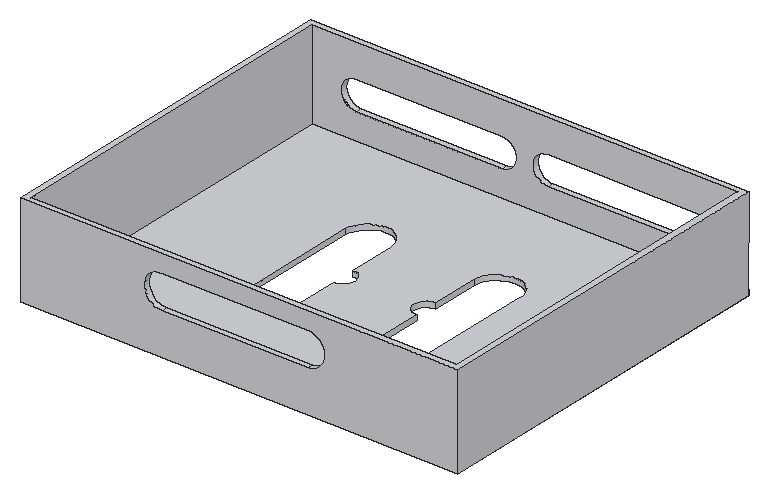
Revit family "EWS1", category Generic Models, Revit 2017
Family settings
  Can host rebar = No
  Round Connector Dimension = Use Diameter
  Part Type = Normal
  Work Plane-Based = Yes
  Always vertical = No
  Cut with Voids When Loaded = No
  Shared = No
  Room Calculation Point = No
Parameters (values of type "NBS Standard Parameters")
  Weight = "0.0751Kg"
  WarrantyStartDate [instance] = "1900-12-31T23:59:59"
  WarrantyGuarantorParts = "n/a"
  WarrantyGuarantorLabor = "n/a"
  WarrantyDurationUnit = "1 year"
  WarrantyDurationParts = "n/a"
  WarrantyDurationLabor = "n/a"
  WarrantyDescription = "n/a"
  Version = "1"
  Uniclass2 = "Pr_65_72_97_27"
  TagNumber [instance] = "n/a"
  SustainabilityPerformance = "n/a"
  Size = "16mm"
  Shape = "Square"
  SerialNumber [instance] = "n/a"
  Revision = "n/a"
  ReplacementCost = "n/a"
  ProductInformation = "www.metpro.co.uk/pdf/ews1.pdf"
  NominalWidth = 75 mm
  NominalLength = 75 mm
  NominalHeight = 17 mm
  Name = ""
  NBSTypeID = ""
  NBSReference = "90-60-25/345"
  NBSOfficeMasterTag = ""
  NBSNote = ""
  NBSDescription = "Standard Socket Outlets"
  NBSCertification = ""
  ModelReference = "EWS1"
  ModelNumber = "n/a"
  Material = "Sheet Steel to Comply With BS4662"
  ManufacturerURL = "metpro.co.uk"
  ManufacturerName = "Metpro Ltd"
  Keynote = "Compliant to BS4662 & LU standard 1-085 (For Use On Surface & Sub-Surface Locations)"
  InstallationDate [instance] = "1900-12-31T23:59:59"
  IfcExportType = ""
  IfcExportAs = ""
  Grade = "n/a"
  Finish = "Pre Galvanised"
  Features = "n/a"
  ExpectedLife = "n/a"
  DurationUnit = "year"
  Description = "EWS1 -16mm 1 Gang Switch Box"
  Default Elevation = 1219.2 mm
  Constituents = "n/a"
  Color = "n/a"
  CodePerformance = "n/a"
  Category = "n/a"
  BarCode [instance] = "n/a"
  BIMObjectName = "Metpro_metprolibrary_standardsocketoutlets_switchandsocketboxes_metal"
  Author = "Metpro Limited"
  AssetType = ""
  AssetIdentifier [instance] = "n/a"
  AccessibilityPerformance = "n/a"
Reference planes
  plane 1 "Center (Front/Back)": y = 0
  plane 2: z = 0
  plane 3 "Center (Left/Right)": x = 0
Forms (mm)
  Extrusion 1, solid
    sketch origin (96.618, -22.874, 40.274) x (0, 1, 0) y (-1, 0, 0)
      loop
        line (62.288, 147.378) -> (0, 147.378) -> (0, 72.378) -> (62.288, 72.378) -> (62.288, 147.378)
      loop
        line (61.288, 146.378) -> (1, 146.378) -> (1, 73.378) -> (61.288, 73.378) -> (61.288, 146.378)
    from -16 to 0
  Extrusion 2, solid
    sketch origin (96.618, -22.874, 24.274) x (0, 1, 0) y (-1, 0, 0)
      loop
        line (62.288, 147.378) -> (0, 147.378) -> (0, 72.378) -> (62.288, 72.378) -> (62.288, 147.378)
    from 0 to 0.9
  Extrusion 3, void
    sketch origin (96.618, -22.874, 24.274) x (0, 1, 0) y (-1, 0, 0)
      loop
        arc (21.084, 124.91) -> (17.119, 120.945) -> (21.084, 116.98) r 3.965
        line (21.084, 116.98) -> (29.155, 116.98)
        arc (29.155, 116.98) -> (31.258, 114.878) -> (33.36, 116.98) r 2.102
        line (33.36, 116.98) -> (41.431, 116.98)
        arc (41.431, 116.98) -> (45.396, 120.945) -> (41.431, 124.91) r 3.965
        line (41.431, 124.91) -> (21.084, 124.91)
      loop
        line (21.084, 94.846) -> (41.431, 94.846)
        arc (41.431, 94.846) -> (45.396, 98.811) -> (41.431, 102.776) r 3.965
        line (41.431, 102.776) -> (33.36, 102.776)
        arc (33.36, 102.776) -> (31.258, 104.879) -> (29.155, 102.776) r 2.102
        line (29.155, 102.776) -> (21.084, 102.776)
        arc (21.084, 102.776) -> (17.119, 98.811) -> (21.084, 94.846) r 3.965
    from 0 to 1.4
  Extrusion 4, void
    sketch origin (58.493, -22.874, 26.677) x (1, 0, 0) y (0, 0, -1)
      loop
        line (-85, -10.688) -> (-60, -10.688)
        arc (-60, -10.688) -> (-57.049, -7.736) -> (-60, -4.785) r 2.951
        line (-60, -4.785) -> (-85, -4.785)
        arc (-85, -4.785) -> (-87.951, -7.736) -> (-85, -10.688) r 2.951
    from 0 to 1.4
  Extrusion 5, void
    sketch origin (0, -22.874, 40.274) x (1, 0, 0) y (0, 0, -1)
      loop
        line (-42.201, 5.625) -> (-17.201, 5.625)
        arc (-17.201, 5.625) -> (-14.701, 8.125) -> (-17.201, 10.625) r 2.5
        line (-17.201, 10.625) -> (-42.201, 10.625)
        arc (-42.201, 10.625) -> (-44.701, 8.125) -> (-42.201, 5.625) r 2.5
      loop
        line (-9.32, 5.625) -> (15.68, 5.625)
        arc (15.68, 5.625) -> (18.18, 8.125) -> (15.68, 10.625) r 2.5
        line (15.68, 10.625) -> (-9.32, 10.625)
        arc (-9.32, 10.625) -> (-11.82, 8.125) -> (-9.32, 5.625) r 2.5
    from 61.288 to 63.148
Cuts and joins
  Extrusion 3 cuts Extrusion 2
  Extrusion 4, Extrusion 5 cuts Extrusion 1
Dimensions and locks
  aligned and locked: level to plane 2
